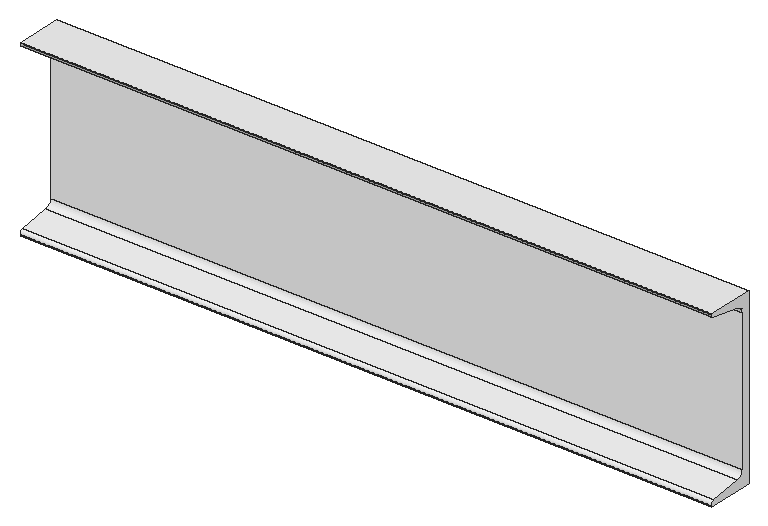
Revit family "M_C Formas", category Quadro estrutural, Revit 2019
Family settings
  Arredondamento do comprimento do framing estrutural = 0.10 mm
  Forma do corte = Canal em C com flange inclinado
  Material para o comportamento do modelo = Aço
  Exportar sempre como geometria = Não
  Family Name Key = M_C Shapes
  Nome do código = AISC 14.1
  Número OmniClass = 23.25.30.11.14.14
  Título OmniClass = Beams
  ID de item do Seek = C-Channel-0000-CAN-ENU
  Sempre na vertical = Sim
  Corte com vazios quando carregada = Não
  Representação simbólica = Das configurações de projeto
  Compartilhado = Não
  Exibir o pré-corte da família na vista da planta = Sim
Parameters (values of type "C310X45")
  Largura = 80.50 mm
  Espessura da teia = 13.0000 mm
  Concordância da teia = 12.7000 mm
  Constante da empena = 40500000000.0 mm6
  Momento de inércia de torção = 358000.00 mm4
  Structural Material [instance] = Aço, 45-345
  Ângulo inclinado da flange = 9.46234°
  Chave do nome do corte = ""
  Section Area = 5680.0 mm²
  Plastic Modulus weak axis = 70800.0 mm³
  Plastic Modulus strong axis = 554000.0 mm³
  Nominal Weight = 441.3 N/m
  Moment of Inertia weak axis = 213 cm⁴
  Moment of Inertia strong axis = 6740 cm⁴
  Height = 305.00 mm
  Flange Thickness Location = 33.75 mm
  Flange Thickness = 12.7 mm
  Flange Fillet = 6.35 mm
  Elastic Modulus weak axis = 33600.0 mm³
  Elastic Modulus strong axis = 442000.0 mm³
  Centroid Vertical = Height / 2  # 152.5 mm
  Centroid Horizontal = 17.10 mm
  Bolt Spacing = 44.45 mm
  Assembly Code = ""
  Length [instance] = 1500.00 mm
Types (2, lengths in mm): name | Largura | Espessura da teia | Concordância da teia | Constante da empena | Momento de inércia de torção | Section Area | Plastic Modulus weak axis | Plastic Modulus strong axis | Nominal Weight | Moment of Inertia weak axis | Moment of Inertia strong axis | Height | Flange Thickness Location | Flange Thickness | Flange Fillet | Elastic Modulus weak axis | Elastic Modulus strong axis | Centroid Vertical | Centroid Horizontal | Bolt Spacing
  C310X45 | 80.50 | 13.0000 | 12.7000 | 40500000000.0 mm6 | 358000.00 mm4 | 5680.0 mm² | 70800.0 mm³ | 554000.0 mm³ | 441.3 N/m | 213 cm⁴ | 6740 cm⁴ | 305.00 | 33.75 | 12.7 | 6.35 | 33600.0 mm³ | 442000.0 mm³ | 152.5 | 17.10 | 44.45
  C380X50.4 | 86.40 | 10.2000 | 16.5000 | 96100000000.0 mm6 | 420000.00 mm4 | 6450.0 mm² | 101000.0 mm³ | 832000.0 mm³ | 494.25 N/m | 336 cm⁴ | 13100 cm⁴ | 381.00 | 38.1 | 16.5 | 8.25 | 50600.0 mm³ | 688000.0 mm³ | 190.5 | 20.00 | 50.8
Reference planes
  plane 1 "Centro (Frente/Trás)": y = 0
  plane 2: z = 0
  plane 3 "Centro (Esquerda/Direita)": x = 4.61
  plane 4 "Membro esquerdo": x = -604.99
  plane 5 "Membro direito": x = 614.21
  plane 6 "Superior": z = 152.5
  plane 7: z = -152.5
  plane 8 "Direita": x = 766.61
  plane 9 "Esquerda": x = -733.39
  plane 10: y = 17.1
  plane 11: y = -63.4
Forms (mm)
  Sweep 1, solid, material "Aço, 45-345" <- "Structural Material", detail levels medium
    path origin (0, 0, 0) x (1, 0, 0) y (0, 1, 0)
      loop
        line (-604.99, 0) -> (614.21, 0)
    profile "Perfil em formato C médio : Perfil em formato C médio" origin (4.61, 0, 0) x (0, 1, 0) y (0, 0, 1)
      loop
        line (-63.4, 152.5) -> (-63.4, 145.425) -> (-29.65, 139.8) -> (4.1, 134.175) -> (4.1, -134.175) -> (-29.65, -139.8) -> (-63.4, -145.425) -> (-63.4, -152.5) -> (17.1, -152.5) -> (17.1, 152.5) -> (-63.4, 152.5)
  Sweep 2, solid, material "Aço, 45-345" <- "Structural Material", detail levels fine
    path origin (0, 0, 0) x (1, 0, 0) y (0, 1, 0)
      loop
        line (-604.99, 0) -> (614.21, 0)
    profile "Perfil em formato C fino : Perfil em formato C fino" origin (4.61, 0, 0) x (0, 1, 0) y (0, 0, 1)
      loop
        line (-63.4, 152.5) -> (-63.4, 150.804)
        arc (-63.4, 150.804) -> (-61.895, 146.7) -> (-58.094, 144.541) r 6.35
        line (-58.094, 144.541) -> (-29.65, 139.8) -> (-6.512, 135.944)
        arc (-6.512, 135.944) -> (1.09, 131.625) -> (4.1, 123.416) r 12.7
        line (4.1, 123.416) -> (4.1, -123.416)
        arc (4.1, -123.416) -> (1.09, -131.625) -> (-6.512, -135.944) r 12.7
        line (-6.512, -135.944) -> (-29.65, -139.8) -> (-58.094, -144.541)
        arc (-58.094, -144.541) -> (-61.895, -146.7) -> (-63.4, -150.804) r 6.35
        line (-63.4, -150.804) -> (-63.4, -152.5) -> (17.1, -152.5) -> (17.1, 152.5) -> (-63.4, 152.5)
Lines and regions (mm)
  symbolic lines, style "Faces ocultas", detail levels medium+fine
    curve 1: line (-604.99, 4.1, 0) -> (614.21, 4.1, 0)
    curve 2: line (-604.99, 0, 145.425) -> (614.21, 0, 145.425)
    curve 3: line (614.21, 0, 134.175) -> (-604.99, 0, 134.175)
    curve 4: line (-604.99, 0, -134.175) -> (614.21, 0, -134.175)
    curve 5: line (614.21, 0, -145.425) -> (-604.99, 0, -145.425)
  symbolic lines, style "Símbolos de vara", detail levels coarse
    curve 6: line (-733.39, -63.4, 152.5) -> (-733.39, 17.1, 152.5)
    curve 7: line (-733.39, 17.1, 152.5) -> (-733.39, 17.1, -152.5)
    curve 8: line (-733.39, 17.1, -152.5) -> (-733.39, -63.4, -152.5)
Dimensions and locks
  "Height": plane 7 to plane 6 "Superior"
  equal spacing: plane 7, plane 2, plane 6 "Superior"
  "Length": plane 9 "Esquerda" to plane 8 "Direita"
  "Centroid Horizontal": plane 10 to plane 1 "Centro (Frente/Trás)"
  "Largura": plane 10 to plane 11
  aligned and locked: plane 1 "Centro (Frente/Trás)" to Sweep 1 sketch curve
  aligned and locked: plane 1 "Centro (Frente/Trás)" to Sweep 2 sketch curve
  aligned and locked: curve 1 to Sweep 1
  aligned and locked: curve 3 to Sweep 1
  aligned and locked: curve 4 to Sweep 1
  aligned and locked: curve 5 to Sweep 1
  aligned and locked: curve 2 to Sweep 1
  aligned and locked: Sweep 2 to plane 6 "Superior"
  aligned and locked: Sweep 2 to plane 10
  aligned and locked: plane 7 to Sweep 2
  aligned and locked: plane 4 "Membro esquerdo" to Sweep 1 sketch curve
  aligned and locked: plane 5 "Membro direito" to Sweep 1 sketch curve
  aligned and locked: plane 4 "Membro esquerdo" to Sweep 2 sketch curve
  aligned and locked: plane 5 "Membro direito" to Sweep 2 sketch curve
  aligned and locked: plane 4 "Membro esquerdo" to curve 1
  aligned and locked: plane 5 "Membro direito" to curve 1
  aligned and locked: plane 4 "Membro esquerdo" to curve 2
  aligned and locked: plane 5 "Membro direito" to curve 2
  aligned and locked: plane 4 "Membro esquerdo" to curve 3
  aligned and locked: plane 5 "Membro direito" to curve 3
  aligned and locked: plane 4 "Membro esquerdo" to curve 4
  aligned and locked: plane 5 "Membro direito" to curve 4
  aligned and locked: plane 4 "Membro esquerdo" to curve 5
  aligned and locked: plane 5 "Membro direito" to curve 5
  aligned and locked: curve 6 to plane 6 "Superior"
  aligned and locked: plane 11 to curve 6
  aligned and locked: curve 7 to plane 10
  aligned and locked: plane 7 to curve 8
  aligned and locked: plane 11 to curve 8
Types in the file's own list only (30): name | Largura | Espessura da teia | Concordância da teia | Constante da empena | Momento de inércia de torção | Ângulo inclinado da flange | Chave do nome do corte | Área de corte | Eixo fraco do módulo plástico | Eixo forte do módulo plástico | Peso nominal | Eixo fraco do momento de inércia | Eixo forte do momento de inércia | Altura | Localização da espessura do flange | Espessura do flange | Concordância do flange | Eixo fraco do módulo de elasticidade | Eixo forte do módulo de elasticidade | Centróide vertical | Centróide horizontal | Espaçamento do parafuso
  C380X74 | 94.5000 mm | 18.2000 mm | 16.5000 mm | 132000000000.0 mm6 | 1100000.00 mm4 | 9.46° | "ChannelsC15X50" | 9480.0 mm² | 133000.0 mm³ | 1120000.0 mm³ | 74.00 kgf/m | 4580000.00 mm4 | 168000000.00 mm4 | 381.0000 mm | 38.1500 mm | 16.5000 mm | 8.2500 mm | 61800.0 mm³ | 882000.0 mm³ | 190.5000 mm | 20.3000 mm | 57.15 mm
  C380X60 | 89.4000 mm | 13.2000 mm | 16.5000 mm | 110000000000.0 mm6 | 604000.00 mm4 | 9.46° | "ChannelsC15X40" | 7610.0 mm² | 112000.0 mm³ | 942000.0 mm³ | 60.00 kgf/m | 3820000.00 mm4 | 145000000.00 mm4 | 381.0000 mm | 38.1000 mm | 16.5000 mm | 8.2500 mm | 54700.0 mm³ | 762000.0 mm³ | 190.5000 mm | 19.8000 mm | 50.80 mm
  C310X37 | 77.5000 mm | 9.8300 mm | 12.7000 mm | 34900000000.0 mm6 | 224000.00 mm4 | 9.46° | "ChannelsC12X25" | 4740.0 mm² | 62600.0 mm³ | 482000.0 mm³ | 37.00 kgf/m | 1850000.00 mm4 | 59900000.00 mm4 | 305.0000 mm | 33.8350 mm | 12.7000 mm | 6.3500 mm | 30600.0 mm³ | 393000.0 mm³ | 152.5000 mm | 17.1000 mm | 44.45 mm
  C310X30.8 | 74.7000 mm | 7.1600 mm | 12.7000 mm | 30100000000.0 mm6 | 154000.00 mm4 | 9.46° | "ChannelsC12X20.7" | 3920.0 mm² | 56900.0 mm³ | 420000.0 mm³ | 30.80 kgf/m | 1610000.00 mm4 | 53700000.00 mm4 | 305.0000 mm | 33.7700 mm | 12.7000 mm | 6.3500 mm | 28200.0 mm³ | 352000.0 mm³ | 152.5000 mm | 17.7000 mm | 44.45 mm
  C250X45 | 77.0000 mm | 17.1000 mm | 11.1000 mm | 21300000000.0 mm6 | 508000.00 mm4 | 9.46° | "ChannelsC10X30" | 5680.0 mm² | 61900.0 mm³ | 438000.0 mm³ | 45.00 kgf/m | 1640000.00 mm4 | 42900000.00 mm4 | 254.0000 mm | 29.9500 mm | 11.1000 mm | 5.5500 mm | 27000.0 mm³ | 339000.0 mm³ | 127.0000 mm | 16.5000 mm | 44.45 mm
  C250X37 | 73.4000 mm | 13.4000 mm | 11.1000 mm | 18300000000.0 mm6 | 286000.00 mm4 | 9.46° | "ChannelsC10X25" | 4740.0 mm² | 52100.0 mm³ | 379000.0 mm³ | 37.00 kgf/m | 1390000.00 mm4 | 37900000.00 mm4 | 254.0000 mm | 30.0000 mm | 11.1000 mm | 5.5500 mm | 24100.0 mm³ | 298000.0 mm³ | 127.0000 mm | 15.7000 mm | 44.45 mm
  C250X30 | 69.6000 mm | 9.6300 mm | 11.1000 mm | 15300000000.0 mm6 | 153000.00 mm4 | 9.46° | "ChannelsC10X20" | 3790.0 mm² | 44200.0 mm³ | 318000.0 mm³ | 30.00 kgf/m | 1170000.00 mm4 | 32800000.00 mm4 | 254.0000 mm | 29.9850 mm | 11.1000 mm | 5.5500 mm | 21500.0 mm³ | 259000.0 mm³ | 127.0000 mm | 15.4000 mm | 38.10 mm
  C250X22.8 | 66.0000 mm | 6.1000 mm | 11.1000 mm | 12200000000.0 mm6 | 87000.00 mm4 | 9.46° | "ChannelsC10X15.3" | 2890.0 mm² | 38300.0 mm³ | 261000.0 mm³ | 22.80 kgf/m | 945000.00 mm4 | 28000000.00 mm4 | 254.0000 mm | 29.9500 mm | 11.1000 mm | 5.5500 mm | 18800.0 mm³ | 221000.0 mm³ | 127.0000 mm | 16.1000 mm | 38.10 mm
  C230X30 | 67.3000 mm | 11.4000 mm | 10.5000 mm | 10600000000.0 mm6 | 178000.00 mm4 | 9.46° | "ChannelsC9X20" | 3790.0 mm² | 40300.0 mm³ | 277000.0 mm³ | 30.00 kgf/m | 1000000.00 mm4 | 25300000.00 mm4 | 229.0000 mm | 27.9500 mm | 10.5000 mm | 5.2500 mm | 19200.0 mm³ | 221000.0 mm³ | 114.5000 mm | 14.8000 mm | 38.10 mm
  C230X22 | 63.2000 mm | 7.2400 mm | 10.5000 mm | 8320000000.0 mm6 | 86600.00 mm4 | 9.46° | "ChannelsC9X15" | 2840.0 mm² | 33400.0 mm³ | 223000.0 mm³ | 22.00 kgf/m | 795000.00 mm4 | 21200000.00 mm4 | 229.0000 mm | 27.9800 mm | 10.5000 mm | 5.2500 mm | 16600.0 mm³ | 185000.0 mm³ | 114.5000 mm | 14.9000 mm | 34.93 mm
  C230X19.9 | 61.7000 mm | 5.9200 mm | 10.5000 mm | 7570000000.0 mm6 | 69900.00 mm4 | 9.46° | "ChannelsC9X13.4" | 2540.0 mm² | 31800.0 mm³ | 206000.0 mm³ | 19.90 kgf/m | 728000.00 mm4 | 19900000.00 mm4 | 229.0000 mm | 27.8900 mm | 10.5000 mm | 5.2500 mm | 15600.0 mm³ | 174000.0 mm³ | 114.5000 mm | 15.3000 mm | 34.93 mm
  C200X27.9 | 64.3000 mm | 12.4000 mm | 9.9100 mm | 6740000000.0 mm6 | 181000.00 mm4 | 9.46° | "ChannelsC8X18.75" | 3550.0 mm² | 35600.0 mm³ | 228000.0 mm³ | 27.90 kgf/m | 820000.00 mm4 | 18300000.00 mm4 | 203.0000 mm | 25.9500 mm | 9.9100 mm | 4.9550 mm | 16600.0 mm³ | 180000.0 mm³ | 101.5000 mm | 14.4000 mm | 38.10 mm
  C200X20.5 | 59.4000 mm | 7.7000 mm | 9.9100 mm | 5160000000.0 mm6 | 77400.00 mm4 | 9.46° | "ChannelsC8X13.75" | 2600.0 mm² | 28300.0 mm³ | 180000.0 mm³ | 20.50 kgf/m | 633000.00 mm4 | 15000000.00 mm4 | 203.0000 mm | 25.8500 mm | 9.9100 mm | 4.9550 mm | 13900.0 mm³ | 148000.0 mm³ | 101.5000 mm | 14.1000 mm | 34.93 mm
  C200X17.1 | 57.4000 mm | 5.5900 mm | 9.9100 mm | 4430000000.0 mm6 | 54100.00 mm4 | 9.46° | "ChannelsC8X11.5" | 2170.0 mm² | 25700.0 mm³ | 158000.0 mm³ | 17.10 kgf/m | 545000.00 mm4 | 13500000.00 mm4 | 203.0000 mm | 25.9050 mm | 9.9100 mm | 4.9550 mm | 12700.0 mm³ | 133000.0 mm³ | 101.5000 mm | 14.5000 mm | 34.93 mm
  C180X22 | 58.4000 mm | 10.6000 mm | 9.3000 mm | 3520000000.0 mm6 | 111000.00 mm4 | 9.46° | "ChannelsC7X14.75" | 2790.0 mm² | 26700.0 mm³ | 160000.0 mm³ | 22.00 kgf/m | 570000.00 mm4 | 11300000.00 mm4 | 178.0000 mm | 23.9000 mm | 9.3000 mm | 4.6500 mm | 12700.0 mm³ | 127000.0 mm³ | 89.0000 mm | 13.5000 mm | 31.75 mm
  C180X18.2 | 55.6000 mm | 7.9800 mm | 9.3000 mm | 3010000000.0 mm6 | 67000.00 mm4 | 9.46° | "ChannelsC7X12.25" | 2320.0 mm² | 23300.0 mm³ | 139000.0 mm³ | 18.20 kgf/m | 483000.00 mm4 | 10100000.00 mm4 | 178.0000 mm | 23.8100 mm | 9.3000 mm | 4.6500 mm | 11400.0 mm³ | 113000.0 mm³ | 89.0000 mm | 13.3000 mm | 31.75 mm
  C180X14.6 | 53.1000 mm | 5.3300 mm | 9.3000 mm | 2460000000.0 mm6 | 41500.00 mm4 | 9.46° | "ChannelsC7X9.8" | 1850.0 mm² | 20600.0 mm³ | 118000.0 mm³ | 14.60 kgf/m | 398000.00 mm4 | 8820000.00 mm4 | 178.0000 mm | 23.8850 mm | 9.3000 mm | 4.6500 mm | 10100.0 mm³ | 99500.0 mm³ | 89.0000 mm | 13.7000 mm | 31.75 mm
  C150X19.3 | 54.9000 mm | 11.1000 mm | 8.7100 mm | 1930000000.0 mm6 | 98600.00 mm4 | 9.46° | "ChannelsC6X13" | 2460.0 mm² | 22100.0 mm³ | 119000.0 mm³ | 19.30 kgf/m | 437000.00 mm4 | 7200000.00 mm4 | 152.0000 mm | 21.9000 mm | 8.7100 mm | 4.3550 mm | 10500.0 mm³ | 94700.0 mm³ | 76.0000 mm | 13.1000 mm | 34.93 mm
  C150X15.6 | 51.6000 mm | 7.9800 mm | 8.7100 mm | 1590000000.0 mm6 | 53300.00 mm4 | 9.46° | "ChannelsC6X10.5" | 1980.0 mm² | 18700.0 mm³ | 101000.0 mm³ | 15.60 kgf/m | 358000.00 mm4 | 6290000.00 mm4 | 152.0000 mm | 21.8100 mm | 8.7100 mm | 4.3550 mm | 9190.0 mm³ | 82600.0 mm³ | 76.0000 mm | 12.7000 mm | 28.58 mm
  C150X12.2 | 48.8000 mm | 5.0800 mm | 8.7100 mm | 1260000000.0 mm6 | 30600.00 mm4 | 9.46° | "ChannelsC6X8.2" | 1540.0 mm² | 16200.0 mm³ | 84600.0 mm³ | 12.20 kgf/m | 286000.00 mm4 | 5450000.00 mm4 | 152.0000 mm | 21.8600 mm | 8.7100 mm | 4.3550 mm | 8000.0 mm³ | 71300.0 mm³ | 76.0000 mm | 13.0000 mm | 28.58 mm
  C130X13 | 48.0000 mm | 8.2600 mm | 8.1300 mm | 787000000.0 mm6 | 45400.00 mm4 | 9.46° | "ChannelsC5X9" | 1700.0 mm² | 15000.0 mm³ | 71900.0 mm³ | 13.00 kgf/m | 260000.00 mm4 | 3700000.00 mm4 | 127.0000 mm | 19.8700 mm | 8.1300 mm | 4.0650 mm | 7280.0 mm³ | 58300.0 mm³ | 63.5000 mm | 12.1000 mm | 28.58 mm
  C130X10.4 | 44.5000 mm | 4.8300 mm | 8.1300 mm | 596000000.0 mm6 | 22900.00 mm4 | 9.46° | "ChannelsC5X6.7" | 1270.0 mm² | 12400.0 mm³ | 58200.0 mm³ | 10.40 kgf/m | 196000.00 mm4 | 3110000.00 mm4 | 127.0000 mm | 19.8350 mm | 8.1300 mm | 4.0650 mm | 6100.0 mm³ | 49000.0 mm³ | 63.5000 mm | 12.3000 mm | 0.00 mm
  C100X10.8 | 43.7000 mm | 8.1500 mm | 7.5200 mm | 333000000.0 mm6 | 34000.00 mm4 | 9.46° | "ChannelsC4X7.25" | 1370.0 mm² | 11400.0 mm³ | 46500.0 mm³ | 10.80 kgf/m | 177000.00 mm4 | 1910000.00 mm4 | 102.0000 mm | 17.7750 mm | 7.5200 mm | 3.7600 mm | 5520.0 mm³ | 37500.0 mm³ | 51.0000 mm | 11.7000 mm | 25.40 mm
  C100X9.3 | 41.9100 mm | 6.2738 mm | 6.9100 mm | 277000000.0 mm6 | 20300.00 mm4 | 9.46° | "ChannelsC4X6.25" | 1140.0 mm² | 9320.0 mm³ | 39800.0 mm³ | 9.30 kgf/m | 144000.00 mm4 | 1660000.00 mm4 | 102.0000 mm | 17.8181 mm | 6.9100 mm | 3.4550 mm | 4650.0 mm³ | 32800.0 mm³ | 51.0000 mm | 11.0000 mm | 0.00 mm
  C100X8 | 40.1000 mm | 4.6700 mm | 7.5200 mm | 247000000.0 mm6 | 16600.00 mm4 | 9.46° | "ChannelsC4X5.4" | 1020.0 mm² | 9260.0 mm³ | 37500.0 mm³ | 8.00 kgf/m | 130000.00 mm4 | 1600000.00 mm4 | 102.0000 mm | 17.7150 mm | 7.5200 mm | 3.7600 mm | 4540.0 mm³ | 31500.0 mm³ | 51.0000 mm | 11.6000 mm | 0.00 mm
  C100X6.7 | 40.1000 mm | 3.1800 mm | 7.5200 mm | 234000000.0 mm6 | 13400.00 mm4 | 9.46° | "ChannelsC4X4.5" | 890.0 mm² | 8700.0 mm³ | 34700.0 mm³ | 6.70 kgf/m | 120000.00 mm4 | 1520000.00 mm4 | 102.0000 mm | 18.4600 mm | 7.5200 mm | 3.7600 mm | 4340.0 mm³ | 30000.0 mm³ | 51.0000 mm | 12.5000 mm | 0.00 mm
  C75X8.9 | 40.6000 mm | 9.0400 mm | 6.9300 mm | 124000000.0 mm6 | 30200.00 mm4 | 9.46° | "ChannelsC3X6" | 1140.0 mm² | 8900.0 mm³ | 28500.0 mm³ | 8.90 kgf/m | 125000.00 mm4 | 862000.00 mm4 | 76.2000 mm | 15.7800 mm | 6.9300 mm | 3.4650 mm | 4310.0 mm³ | 22600.0 mm³ | 38.1000 mm | 11.6000 mm | 0.00 mm
  C75X7.4 | 38.1000 mm | 6.5500 mm | 6.9300 mm | 102000000.0 mm6 | 17700.00 mm4 | 9.46° | "ChannelsC3X5" | 948.0 mm² | 7600.0 mm³ | 24900.0 mm³ | 7.40 kgf/m | 100000.00 mm4 | 770000.00 mm4 | 76.2000 mm | 15.7750 mm | 6.9300 mm | 3.4650 mm | 3740.0 mm³ | 20200.0 mm³ | 38.1000 mm | 11.2000 mm | 0.00 mm
  C75X6.1 | 35.8000 mm | 4.3200 mm | 6.9300 mm | 82400000.0 mm6 | 11200.00 mm4 | 9.46° | "ChannelsC3X4.1" | 774.0 mm² | 6540.0 mm³ | 21600.0 mm³ | 6.10 kgf/m | 79500.00 mm4 | 687000.00 mm4 | 76.2000 mm | 15.7400 mm | 6.9300 mm | 3.4650 mm | 3210.0 mm³ | 18000.0 mm³ | 38.1000 mm | 11.1000 mm | 0.00 mm
  C75X5.2 | 34.8000 mm | 3.3500 mm | 6.9300 mm | 74100000.0 mm6 | 9410.00 mm4 | 9.46° | "ChannelsC3X3.5" | 703.0 mm² | 5960.0 mm³ | 20300.0 mm³ | 5.20 kgf/m | 70300.00 mm4 | 653000.00 mm4 | 76.2000 mm | 15.7250 mm | 6.9300 mm | 3.4650 mm | 2980.0 mm³ | 17000.0 mm³ | 38.1000 mm | 11.3000 mm | 0.00 mm
